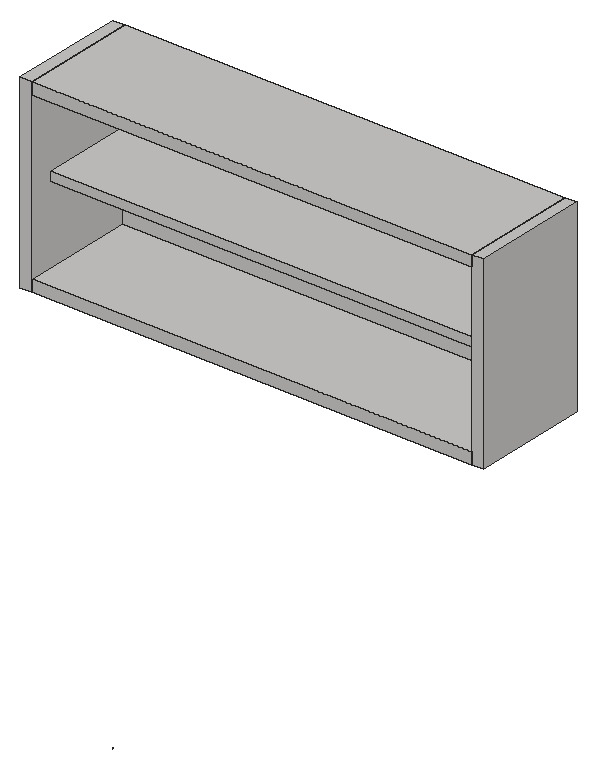
Revit family "QF_ZANUSSI_133259_PA1600LCN", category Attrezzature speciali, Revit 2020
Family settings
  Quota connettore circolare = Usa diametro
  Tipo di parte = Normale
  Basato su piano di lavoro = No
  Sempre verticale = Sì
  Taglio con vuoti quando caricato = No
  Condiviso = No
  Punto di calcolo locali = No
Parameters (values of type "Standard")
  Weight = 25.00 kg
  Watts = 0 W
  Volts = 0 V
  URL Manufacturer = "http://www.zanussiprofessional.com"
  URL = "http://www.zanussiprofessional.com"
  Steam Supply Size = 0 mm
  Steam Supply Minimum Pressure = 0.0 Pa
  Steam Supply Maximum Pressure = 0.0 Pa
  Steam Consumption per Hour = 0
  Refrigeration Suction Line Size = 0.0 mm
  Refrigeration Liquid Line Size = 0.0 mm
  Refrigerant Compressor Remote = yes
  Prospetto di default = 0.0 mm
  Phase = 0
  Modello = "PA1600LCN"
  Produttore = "Zanussi"
  Length Actual = 1600.0 mm  # constant formula
  Item Number = "133259"
  Hot Water Size = 0 mm
  Height Actual = 650.0 mm  # constant formula
  HP = "0 HP"
  Gas Size = 0 mm
  Gas KW = 0
  Gas Input Pressure = 0 W
  Direct Waste Size = 0 mm
  Descrizione = "OPEN WALL CUPBOARD 1600 MM"
  Depth Actual = 400.0 mm  # constant formula
  Cycle = 0 Hz
  Condensate Return Size = 0 mm
  Compressed Air Volume = 0.0 L/s
  Compressed Air Size = 0 mm
  Compressed Air Pressure = 0.0 Pa
  Cold Water Size = 0 mm
  Accessory = yes
Reference planes
  plane 1 "Center (Front/Back)": y = 0
  plane 2: z = 0
  plane 3 "Center (Left/Right)": x = -300
  plane 4 "LEFT": x = -1100
  plane 5 "RIGHT": x = 500
  plane 6 "BACK": y = 200
  plane 7 "FRONT": y = -200
  plane 8 "Base": z = 2250
  plane 9 "BASE": z = 1600
  plane 10: x = -1060
  plane 11: x = 460
  plane 12: y = -197
  plane 13: y = 150
  plane 14: y = 190
  plane 15 "Ripiano": z = 1910
  plane 16: z = 1940
Forms (mm)
  Extrusion 1, solid, material "QF_Finishes_Stainless Steel"
    sketch origin (0, 0, 1600) x (-1, 0, 0) y (0, -1, 0)
      loop
        line (1100, -200) -> (1100, 200) -> (1060, 200) -> (1060, -200) -> (1100, -200)
      loop
        line (-460, -200) -> (-460, 200) -> (-500, 200) -> (-500, -200) -> (-460, -200)
    from 0 to 650
  Extrusion 2, solid, material "QF_Finishes_Stainless Steel"
    sketch origin (0, 0, 1600) x (-1, 0, 0) y (0, -1, 0)
      loop
        line (1060, -200) -> (1060, 200) -> (-460, 200) -> (-460, -200) -> (1060, -200)
    from 0 to 40
  Extrusion 3, solid, material "QF_Finishes_Stainless Steel"
    sketch origin (0, 0, 0) x (1, 0, 0) y (0, 1, 0)
      loop
        line (-1060, -200) -> (460, -200) -> (460, 200) -> (-1060, 200) -> (-1060, -200)
    from 2210 to 2250
  Extrusion 4, solid, material "QF_Finishes_Stainless Steel"
    sketch origin (0, 0, 0) x (1, 0, 0) y (0, 1, 0)
      loop
        line (-1100, 200) -> (-1100, 199) -> (-1099, 199) -> (-1099, 200) -> (-1100, 200)
    from 0 to 1
  Extrusion 5, solid, material "QF_Finishes_Stainless Steel"
    sketch origin (0, 0, 1910) x (-1, 0, 0) y (0, -1, 0)
      loop
        line (1060, -190) -> (1060, 124.1) -> (-460, 124.1) -> (-460, -190) -> (1060, -190)
    from 0 to 30
  Extrusion 6, solid, material "QF_Finishes_Stainless Steel"
    sketch origin (0, 0, 1910) x (-1, 0, 0) y (0, -1, 0)
      loop
        line (1060, -200) -> (1060, -190) -> (-460, -190) -> (-460, -200) -> (1060, -200)
    from -270 to 300
Lines and regions (mm)
  symbolic lines
    curve 1: line (500, 200, 0) -> (-1100, -200, 0)
    curve 2: line (-1100, 200, 0) -> (500, 200, 0)
    curve 3: line (-1100, -200, 0) -> (-1100, 200, 0)
    curve 4: line (500, -200, 0) -> (-1100, -200, 0)
    curve 5: line (500, 200, 0) -> (500, -200, 0)
  symbolic lines, style "SpecialityEquipmentHiddenLines"
    curve 6: line (-1060, -124.1, 1910) -> (460, -124.1, 1910)
    curve 7: line (460, -200, 1910) -> (460, 190, 1910)
    curve 8: line (460, 190, 1910) -> (-1060, 190, 1910)
    curve 9: line (-1060, 190, 1910) -> (-1060, -200, 1910)
Dimensions and locks
  plane 4 "LEFT" to plane 5 "RIGHT" = 1600.0 mm
  equal spacing: plane 4 "LEFT", plane 3 "Center (Left/Right)", plane 5 "RIGHT"
  plane 6 "BACK" to plane 7 "FRONT" = 400.0 mm
  equal spacing: plane 6 "BACK", plane 1 "Center (Front/Back)", plane 7 "FRONT"
  plane 9 "BASE" to level = 1600.0 mm
  locked: plane 4 "LEFT" to plane 10 at 40
  locked: plane 11 to plane 5 "RIGHT" at 40
  plane 12 to plane 7 "FRONT" = 3.0 mm
  plane 6 "BACK" to plane 13 = 50.0 mm
  locked: plane 8 "Base" to plane 9 "BASE" at 650
  locked: plane 15 "Ripiano" to plane 9 "BASE" at 310
  locked: plane 16 to plane 15 "Ripiano" at 30
  aligned and locked: level to plane 2
  aligned and locked: plane 8 "Base" to Extrusion 1
  aligned and locked: plane 6 "BACK" to Extrusion 1 sketch curve
  aligned and locked: Extrusion 1 sketch curve to plane 6 "BACK"
  aligned and locked: plane 7 "FRONT" to Extrusion 1 sketch curve
  aligned and locked: Extrusion 1 sketch curve to plane 7 "FRONT"
  aligned and locked: plane 10 to Extrusion 1
  aligned and locked: Extrusion 1 to plane 11
  aligned and locked: Extrusion 2 to plane 10
  aligned and locked: plane 11 to Extrusion 2
  aligned and locked: plane 8 "Base" to Extrusion 3
  aligned and locked: Extrusion 3 to plane 7 "FRONT"
  aligned and locked: Extrusion 2 to plane 7 "FRONT"
Automatic sketch dimensions
  Extrusion 1 sketch curve to plane 5 "RIGHT" = 0.0 mm
  Extrusion 1 sketch curve to plane 11 = 0.0 mm
  Extrusion 1 sketch curve to plane 10 = 0.0 mm
  Extrusion 1 sketch curve to plane 4 "LEFT" = 0.0 mm
  Extrusion 2 sketch curve to plane 11 = 0.0 mm
  Extrusion 2 sketch curve to plane 10 = 0.0 mm
  Extrusion 2 sketch curve to plane 13 = 50.0 mm
  Extrusion 2 sketch curve to plane 12 = 3.0 mm
  Extrusion 3 sketch curve to plane 10 = 0.0 mm
  Extrusion 3 sketch curve to plane 11 = 0.0 mm
  Extrusion 3 sketch curve to plane 12 = 3.0 mm
  Extrusion 3 sketch curve to plane 14 = 10.0 mm
  Extrusion 4 sketch curve to plane 6 "BACK" = 0.0 mm
  Extrusion 4 sketch curve to plane 4 "LEFT" = 0.0 mm
  plane 4 "LEFT" to Extrusion 4 sketch curve = 1.0 mm
  Extrusion 4 sketch curve to plane 6 "BACK" = 1.0 mm
  curve 4 to plane 4 "LEFT" = 0.0 mm
  curve 5 to plane 5 "RIGHT" = 0.0 mm
  Extrusion 5 sketch curve to plane 11 = 0.0 mm
  Extrusion 5 sketch curve to plane 10 = 0.0 mm
  plane 14 to Extrusion 5 sketch curve = 0.0 mm
  plane 12 to Extrusion 5 sketch curve = 72.9 mm
  Extrusion 6 sketch curve to plane 6 "BACK" = 0.0 mm
  Extrusion 6 sketch curve to plane 11 = 0.0 mm
  Extrusion 6 sketch curve to plane 10 = 0.0 mm
  plane 14 to Extrusion 6 sketch curve = 0.0 mm
  curve 1 to plane 7 "FRONT" = 0.0 mm
  curve 3 to plane 6 "BACK" = 0.0 mm
  curve 6 to plane 11 = 0.0 mm
  curve 6 to plane 10 = 0.0 mm
  plane 14 to curve 9 = 0.0 mm
  curve 9 to plane 7 "FRONT" = 0.0 mm
  curve 7 to plane 7 "FRONT" = 0.0 mm
  plane 12 to curve 6 = 72.9 mm
